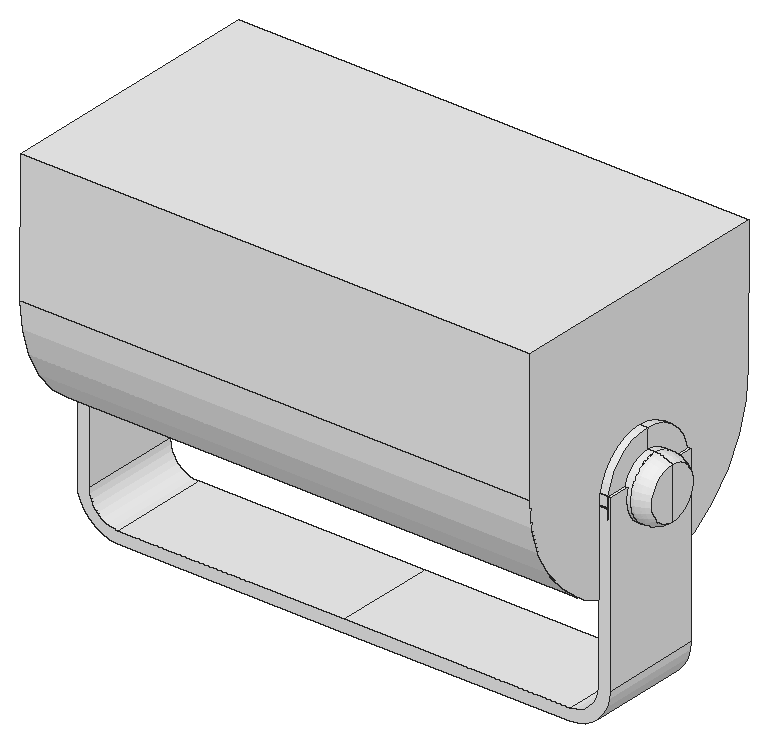
Revit family "Lighting-Accent-Acclaim-Flood One EO Color", category Lighting Fixtures, host Face, Revit 2017
Family settings
  Host = Face
  Round Connector Dimension = Use Diameter
  Part Type = Normal
  Cut with Voids When Loaded = No
  Light Source = Yes
  Shared = No
  Room Calculation Point = No
Parameters
  Width = 145.00 mm
  Wattage = 9.2903 W
  built-in parameter 1150110 = 1 (stored number, unit not read)
  Voltage = 0 V
  URL = "http://www.acclaimlighting.com/"
  built-in parameter 1114217 = 1 (stored number, unit not read)
  Tilt Angle = -90.00°
  built-in parameter 1150109 = 1 (stored number, unit not read)
  built-in parameter 1150134 = 3
  built-in parameter 1150113 = 1 (stored number, unit not read)
  Power Factor = 1
  Photometric Web File = "Load File"
  Number of Poles = 1
  built-in parameter 1150142 = (empty or 0)
  Model = "Flood One EO Color"
  Manufacturer = "Acclaim Lighting"
  built-in parameter 1150105 = 109.82 (stored number, unit not read)
  Lumens = 1380 lm
  built-in parameter 1150115 = 1 (stored number, unit not read)
  built-in parameter 1150137 = (empty or 0)
  built-in parameter 1150139 = (empty or 0)
  Length = 270.00 mm
  built-in parameter 1150112 = 1 (stored number, unit not read)
  built-in parameter 1150114 = 1 (stored number, unit not read)
  Lamp = "LED"
  built-in parameter 1150132 = (empty or 0)
  built-in parameter 1150102 = (empty or 0)
  built-in parameter 1150107 = 3200 (stored number, unit not read)
  built-in parameter 1150138 = (empty or 0)
  built-in parameter 1150106 = 1.0982 (stored number, unit not read)
  Housing Finish = Aluminum
  Emit from Rectangle Width = 145.00 mm  # constant formula
  Emit from Rectangle Length = 270.00 mm  # constant formula
  Emit Shape Visible in Rendering = no
  built-in parameter 1150104 = 13.8 (stored number, unit not read)
  Dimming Lamp Color Temperature Shift = <None>
  Description = "Floodlight"
  Default Elevation = 1219.20 mm
  Color Filter = 16777215
  built-in parameter 1114218 = 1 (stored number, unit not read)
  built-in parameter 1150133 = 10 (stored number, unit not read)
  Apparent Load = 0 VA
Reference planes
  plane 1 "Center (Front/Back)": y = 0
  plane 2: z = 0
  plane 3 "Center (Left/Right)": x = 0
  plane 4: z = 243.84
  plane 5: z = 398.78
  plane 6: x = 0
  plane 7: z = 233.68
  plane 8: y = 72.5
  plane 9: y = -72.5
  plane 10: x = -135
  plane 11: x = 135
Forms (mm)
  Revolve 1, solid, material "Aluminum" <- "Housing Finish"
    sketch origin (0, 0, -122.238) x (-1, 0, 0) y (0, 0, 1)
      loop
        line (152.74, 230.237) -> (152.74, 243.815)
        arc (152.74, 243.815) -> (148.444, 246.112) -> (143.611, 246.717) r 13.367
        line (143.611, 246.717) -> (139.642, 246.717) -> (139.642, 256.92) -> (135, 256.92) -> (135, 230.237) -> (152.74, 230.237)
      axis (135, 230.237) -> (152.74, 230.237)
    angle from 0 to 360
  Extrusion 2, solid, material "Aluminum"
    sketch origin (0, 0, 0) x (1, 0, 0) y (0, 0, 1)
      loop
        line (0, 6.35) -> (-119.809, 6.35)
        arc (-119.809, 6.35) -> (-130.551, 10.799) -> (-135, 21.541) r 15.191
        line (-135, 21.541) -> (-135, 113.62) -> (-141.35, 113.62) -> (-141.35, 21.541)
        arc (-141.35, 21.541) -> (-135.041, 6.309) -> (-119.809, 0) r 21.541
        line (-119.809, 0) -> (0, 0) -> (119.809, 0)
        arc (119.809, 0) -> (135.041, 6.309) -> (141.35, 21.541) r 21.541
        line (141.35, 21.541) -> (141.35, 113.62) -> (135, 113.62) -> (135, 21.541)
        arc (135, 21.541) -> (130.551, 10.799) -> (119.809, 6.35) r 15.191
        line (119.809, 6.35) -> (0, 6.35)
    from -26.632 to 26.657
  Revolve 3, solid, material "Aluminum" <- "Housing Finish"
    sketch origin (0, 0, -122.238) x (1, 0, 0) y (0, 0, 1)
      loop
        line (152.74, 230.237) -> (152.74, 243.815)
        arc (152.74, 243.815) -> (148.444, 246.112) -> (143.611, 246.717) r 13.367
        line (143.611, 246.717) -> (139.642, 246.717) -> (139.642, 256.92) -> (135, 256.92) -> (135, 230.237) -> (152.74, 230.237)
      axis (135, 230.237) -> (152.74, 230.237)
    angle from 0 to 360
  Extrusion 4, solid, material "Aluminum"
    sketch origin (0, 0, 0) x (0, 1, 0) y (0, 0, 1)
      loop
        line (72.5, 199.901) -> (-72.5, 199.901) -> (-72.5, 130.051)
        arc (-72.5, 130.051) -> (0, 57.551) -> (72.5, 130.051) r 72.5
        line (72.5, 130.051) -> (72.5, 199.901)
    from -135 to 135
Dimensions and locks
  plane 8 to plane 1 "Center (Front/Back)" to plane 9 = 72.50 mm, 72.50 mm
  "Width": plane 8 to plane 9
  Extrusion 4 to host face = 199.901 mm
  equal spacing: plane 10, plane 6, plane 11
  "Length": plane 10 to plane 11
  equal spacing: plane 9, plane 1 "Center (Front/Back)", plane 8
  plane 9 to plane 8 = 145.00 mm
  aligned and locked: plane 2 to host face
  aligned and locked: level to host face
  aligned and locked: plane 8 to Extrusion 4
  aligned and locked: plane 9 to Extrusion 4 sketch curve
  aligned and locked: plane 11 to Extrusion 4
  aligned and locked: Extrusion 4 to plane 10
Automatic sketch dimensions
  host sketch curve to host sketch curve = 2438.40 mm  (x2)
  Revolve 1 sketch curve to Revolve 1 sketch curve = 4.642 mm
  Revolve 1 sketch curve to Revolve 1 sketch curve = 3.969 mm
  Revolve 1 sketch curve to Revolve 1 sketch curve = 9.395 mm
  Revolve 1 sketch curve to level = 108.00 mm
  Revolve 1 sketch curve to Revolve 1 sketch curve = 3.136 mm
  Revolve 1 sketch curve to Revolve 1 sketch curve = 10.442 mm
  Revolve 1 sketch curve to Revolve 1 sketch curve = 10.203 mm
  Revolve 1 sketch curve to Revolve 1 sketch curve = 0.00 mm  (x2)
  Extrusion 2 sketch curve to Extrusion 2 sketch curve = 0.00 mm  (x6)
  Extrusion 2 sketch curve to level = 0.00 mm
  Extrusion 2 sketch curve to plane 3 "Center (Left/Right)" = 0.00 mm  (x2)
  Extrusion 2 sketch curve to Extrusion 2 sketch curve = 6.35 mm
  Extrusion 2 sketch curve to Extrusion 2 sketch curve = 15.191 mm
  Extrusion 2 sketch curve to Extrusion 2 sketch curve = 92.079 mm  (x2)
  Revolve 3 sketch curve to Revolve 3 sketch curve = 4.642 mm
  Revolve 3 sketch curve to Revolve 3 sketch curve = 3.969 mm
  Revolve 3 sketch curve to Revolve 3 sketch curve = 9.395 mm
  level to Revolve 3 sketch curve = 108.00 mm
  Revolve 3 sketch curve to Revolve 3 sketch curve = 3.136 mm
  Revolve 3 sketch curve to Revolve 3 sketch curve = 10.442 mm
  Revolve 3 sketch curve to Revolve 3 sketch curve = 10.203 mm
  Revolve 3 sketch curve to Revolve 3 sketch curve = 0.00 mm  (x2)
  Extrusion 4 sketch curve to plane 7 = 103.629 mm
  Extrusion 4 sketch curve to plane 7 = 33.779 mm
  Extrusion 4 sketch curve to plane 8 = 0.00 mm
  plane 3 "Center (Left/Right)" to Extrusion 2 sketch curve = 119.809 mm
  plane 3 "Center (Left/Right)" to Revolve 3 sketch curve = 135.00 mm
  Revolve 3 sketch curve to Revolve 3 sketch curve = 9.129 mm
  Revolve 3 sketch curve to Revolve 3 sketch curve = 29.209 mm
  plane 3 "Center (Left/Right)" to Revolve 1 sketch curve = 135.00 mm
  Revolve 1 sketch curve to Revolve 1 sketch curve = 9.129 mm
  Revolve 1 sketch curve to Revolve 1 sketch curve = 29.209 mm
  Extrusion 2 sketch curve to Extrusion 2 sketch curve = 119.809 mm
  Extrusion 2 sketch curve to plane 3 "Center (Left/Right)" = 135.00 mm
Connectors
  electrical at (135, 0, 164.976), driven by "Number of Poles", driven by "Voltage", driven by "Apparent Load", driven by "Power Factor"
    settings: on Extrusion 4, index 1, voltage 0 V, apparent load 0 VA, apparent load phase1 0 VA, apparent load phase2 0 VA, apparent load phase3 0 VA, power factor 1, load classification "Other", number of poles 1, system type 31, power factor state 1, is connector primary yes, connector utility no, sub classification motor no, connector description "Power"
